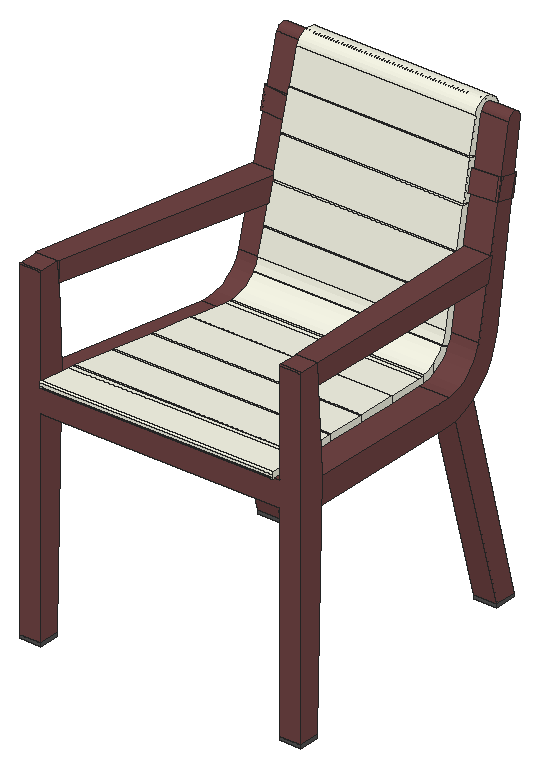
Revit family "Haworth_Janus_Quinta_Chair_Cafe", category Furniture, Revit 2018
Family settings
  OmniClass Number = 23.40.70.14.64.21
  OmniClass Title = Systems Furniture
  Work Plane-Based = No
  Always vertical = Yes
  Cut with Voids When Loaded = No
  Shared = No
  Room Calculation Point = No
Parameters (values of type "HCJC-QN-SAC-J - With Arms - Fiber Frame - With Cushion")
  Warranty = "https://www.haworth.com/resources/product-info/warranties"
  URL - Product = "https://www.haworth.com/products/tables/outdoor/quinta"
  Type Comments = ""
  Support Finish [instance] = Haworth _ Fabric _ JANUSfiber _ Bronze JJF-40
  Cushion Finish [instance] = Haworth _ Fabric _ JANUS _ Limestone JQ1-98
  Cushion = yes
  Arm Height = 25 3/4"  # constant formula
  Model = "HCJC-QN-SAC-J"
  URL = "http://www.haworth.com/our-brands/haworth-collection"
  Size = "Verify Final Dim. w/ Haworth"  # constant formula
  Revision Number = "2"  # constant formula
  Manufacturer = "Haworth"  # constant formula
  Seat Height = 18"  # constant formula
  Glide Finish = Haworth _ Polymer _ Black
  Description = "Haworth Janus Quinta - Cafe Side Chair with Arms"
  Author = "Haworth (Abd Rahman)"  # constant formula
  Assembly Code = "E2020200"
  Actual Width = 21 1/2"  # constant formula
  Actual Height = 33"  # constant formula
  Actual Depth = 23 1/2"  # constant formula
Types (3): name | Cushion
  (no name) | yes
  HCJC-QN-SAC-J - With Arms - Fiber Frame - With Cushion | yes
  HCJC-QN-SAC-J - With Arms - Fiber Frame - No Cushion | no
Reference planes (in)
  plane 1 "Center F/B": y = -0.15866
  plane 2 "Floor": z = 0
  plane 3 "Center L/R": x = -0.125
  plane 4: z = 0
  plane 5: x = -10.875
  plane 6: y = 11.59134
  plane 7: y = -11.90866
  plane 8: x = 10.625
  plane 9 "Arm Height": z = 25.75
  plane 10: z = 0.25
  plane 11 "Leg Height": z = 18
  plane 12: z = 33
  plane 13 "Back leg 1": through (480, 4.79239, 14.94997) normal (0, 0.9644, 0.2643)
  plane 14 "Back leg 2": through (480, 6.46823, 15.42693) normal (0, 0.9677, 0.2521)
  plane 15: x = 9.02799
  plane 16: x = -9.27799
  plane 17: x = 7.28872
  plane 18: x = -7.53872
Forms (in)
  Extrusion 1, solid, material "Haworth _ Fabric _ JANUSfiber _ Bronze JJF-40" <- "Support Finish"
    sketch origin (-0.125, 0, 0) x (0, 1, 0) y (0, 0, 1)
      loop
        line (-10.3344, 25.7494) -> (-10.25936, 24.20012) -> (7.96122, 22.56333) -> (8.39031, 24.30623) -> (-10.3344, 25.7494)
    from 6.58453 to 12
  Extrusion 2, void
    sketch origin (0, 0, 0) x (1, 0, 0) y (0, 1, 0)
      loop
        line (10.71426, -10.5903) -> (12.50972, -10.5903) -> (12.50972, 8.98427) -> (8.91447, 8.98427) -> (10.71426, -10.5903)
      loop
        line (6.98513, 8.35274) -> (6.45953, 8.35274) -> (6.45953, -10.79014) -> (8.99577, -10.79014) -> (8.99577, -10.25936) -> (6.98513, 8.35274)
    from 14.27881 to 27.46666
  Extrusion 3, solid, material "Haworth _ Fabric _ JANUSfiber _ Bronze JJF-40" <- "Support Finish"
    sketch origin (-0.125, 0, 0) x (0, 1, 0) y (0, 0, -1)
      loop
        line (-10.33205, -25.74922) -> (8.39031, -24.30623) -> (7.96108, -22.56276) -> (-10.27156, -24.20063) -> (-10.33205, -25.74922)
    from 6.58453 to 12
  Extrusion 4, solid, material "Haworth _ Fabric _ JANUSfiber _ Bronze JJF-40" <- "Support Finish"
    sketch origin (-0.125, 0, 3.4177) x (0, 1, 0) y (0, 0, 1)
      loop
        line (4.81257, 11.45864) -> (8.82131, -3.1677) -> (10.42212, -3.1677) -> (6.48327, 11.9515)
        arc (6.48327, 11.9515) -> (5.66955, 11.63175) -> (4.81257, 11.45864) r 5
    from 7.41372 to 9.15299
  Extrusion 5, solid, material "Haworth _ Fabric _ JANUSfiber _ Bronze JJF-40" <- "Support Finish"
    sketch origin (-0.125, 0, 3.4177) x (0, 1, 0) y (0, 0, -1)
      loop
        arc (4.8099, -11.46839) -> (5.66708, -11.64068) -> (6.48115, -11.95965) r 5
        line (6.48115, -11.95965) -> (10.42212, 3.1677) -> (8.82131, 3.1677) -> (4.8099, -11.46839)
    from 7.41372 to 9.15299
  Extrusion 6, solid, material "Haworth _ Fabric _ JANUSfiber _ Bronze JJF-40" <- "Support Finish"
    sketch origin (-0.125, 0, 3.59731) x (0, 1, 0) y (0, 0, 1)
      loop
        line (-11.90866, 14.28546) -> (-11.90866, 12.34857) -> (3.68559, 11.15054)
        arc (3.68559, 11.15054) -> (7.12135, 12.17597) -> (8.98727, 15.23771) r 5
        line (8.98727, 15.23771) -> (11.45102, 28.73051)
        arc (11.45102, 28.73051) -> (11.01342, 29.38336) -> (10.34834, 28.96459) r 0.56385
        line (10.34834, 28.96459) -> (7.05108, 15.35813)
        arc (7.05108, 15.35813) -> (5.89873, 13.63755) -> (3.90623, 13.07344) r 3
        line (3.90623, 13.07344) -> (-11.90866, 14.28546)
    from -10.75 to 10.75
  Extrusion 7, void
    sketch origin (0, 0, 0) x (1, 0, 0) y (0, 1, 0)
      loop
        line (-10.84957, -10.08217) -> (-8.81189, 12.49055) -> (-11.87816, 12.49055) -> (-11.87816, -10.08217) -> (-10.84957, -10.08217)
    from 13.03853 to 36.94343
  Extrusion 8, void
    sketch origin (-0.25, 0, 0) x (-1, 0, 0) y (0, -1, 0)
      loop
        line (10.71426, 10.5903) -> (8.92945, -8.82131) -> (12.99028, -8.82131) -> (12.99028, 10.5903) -> (10.71426, 10.5903)
      loop
        line (6.98911, -8.35274) -> (9.00229, 10.28286) -> (9.00229, 10.79014) -> (6.45953, 10.79014) -> (6.45953, -8.35274) -> (6.98911, -8.35274)
    from 14.27881 to 27.46666
  Extrusion 9, void
    sketch origin (-0.25, 0, 0) x (-1, 0, 0) y (0, -1, 0)
      loop
        line (-10.84957, 10.08217) -> (-11.87816, 10.08217) -> (-11.87816, -12.49055) -> (-8.81189, -12.49055) -> (-10.84957, 10.08217)
    from 13.03853 to 36.94343
  Extrusion 10, solid, material "Haworth _ Fabric _ JANUSfiber _ Bronze JJF-40" <- "Support Finish"
    sketch origin (-0.125, 0, 1.53591) x (0, 1, 0) y (0, 0, -1)
      loop
        line (-11.90866, 1.28591) -> (-11.90866, -24.15666)
        arc (-11.90866, -24.15666) -> (-11.89184, -24.19727) -> (-11.85123, -24.21409) r 0.05743
        line (-11.85123, -24.21409) -> (-10.33209, -24.21409) -> (-9.93606, -16.46409) -> (-10.41817, 1.28591) -> (-11.90866, 1.28591)
    from -10.75 to -9.15299
  Extrusion 11, solid, material "Haworth _ Fabric _ JANUSfiber _ Bronze JJF-40" <- "Support Finish"
    sketch origin (-0.125, 0, 1.53591) x (0, 1, 0) y (0, 0, 1)
      loop
        line (-11.90866, -1.28591) -> (-10.41817, -1.28591) -> (-9.93606, 16.46409) -> (-10.33209, 24.21409) -> (-11.85123, 24.21409)
        arc (-11.85123, 24.21409) -> (-11.89184, 24.19727) -> (-11.90866, 24.15666) r 0.05743
        line (-11.90866, 24.15666) -> (-11.90866, -1.28591)
    from -10.75 to -9.15299
  Extrusion 12, solid, material "Haworth _ Polymer _ Black" <- "Glide Finish"
    sketch origin (0, 0, 0) x (1, 0, 0) y (0, 1, 0)
      loop
        line (10.625, -11.90866) -> (10.625, -10.41817) -> (9.02799, -10.41817) -> (9.02799, -11.90866) -> (10.625, -11.90866)
    from 0 to 0.25
  Extrusion 13, solid, material "Haworth _ Polymer _ Black" <- "Glide Finish"
    sketch origin (-0.25, 0, 0) x (-1, 0, 0) y (0, -1, 0)
      loop
        line (10.625, 11.90866) -> (9.02799, 11.90866) -> (9.02799, 10.41817) -> (10.625, 10.41817) -> (10.625, 11.90866)
    from 0 to 0.25
  Extrusion 14, solid, material "Haworth _ Polymer _ Black" <- "Glide Finish"
    sketch origin (0, -1.59857, 0) x (1, 0, 0) y (0, 1, 0)
      loop
        line (9.02799, 12.02468) -> (7.28872, 12.02468) -> (7.28872, 10.41817) -> (9.02799, 10.41817) -> (9.02799, 12.02468)
    from 0 to 0.25
  Extrusion 15, solid, material "Haworth _ Polymer _ Black" <- "Glide Finish"
    sketch origin (1.48926, -1.59857, 0) x (-1, 0, 0) y (0, -1, 0)
      loop
        line (10.76725, -12.02468) -> (10.76725, -10.41817) -> (9.02799, -10.41817) -> (9.02799, -12.02468) -> (10.76725, -12.02468)
    from 0 to 0.25
Cuts and joins
  Extrusion 2, Extrusion 8 cuts Extrusion 1
  Extrusion 8, Extrusion 9 cuts Extrusion 3
  Extrusion 9 cuts Extrusion 4
  Extrusion 9 cuts Extrusion 5
  Extrusion 7, Extrusion 9 cuts Extrusion 6
  joined: Extrusion 1, Extrusion 3, Extrusion 4, Extrusion 5, Extrusion 6, Extrusion 10, Extrusion 11
Lines and regions (in)
  Masking region 1
    outline origin (0, 0, 0) x (1, 0, 0) y (0, 1, 0)
      loop
        line (8.96908, 11.59134) -> (-9.21908, 11.59134) -> (-10.875, -11.90866) -> (10.625, -11.90866) -> (8.96908, 11.59134)
  symbolic lines, style "Haworth"
    curve 1: line (-9.27799, -11.90866, 0) -> (-7.23954, 8.34868, 0)
    curve 2: line (-7.23954, 8.34868, 0) -> (-9.44757, 8.34868, 0)
    curve 3: line (9.02799, -11.90866, 0) -> (6.98954, 8.34868, 0)
    curve 4: line (6.98954, 8.34868, 0) -> (9.19757, 8.34868, 0)
    curve 5: line (-7.59306, 4.83559, 0) -> (7.34306, 4.83559, 0)
Dimensions and locks (in)
  "Actual Width": plane 5 to plane 8
  equal spacing: plane 5, plane 3 "Center L/R", plane 8
  "Actual Depth": plane 6 to plane 7
  equal spacing: plane 6, plane 1 "Center F/B", plane 7
  "Seat Height": plane 11 "Leg Height" to plane 4
  "Arm Height": plane 9 "Arm Height" to plane 4
  "Actual Height": plane 12 to plane 4
  plane 18 to plane 16 to plane 5 = 1.73927" locked, 1.59701" locked
  plane 17 to plane 15 to plane 8 = 1.73927" locked, 1.59701" locked
  aligned and locked: Extrusion 6 to plane 5
  aligned and locked: Extrusion 6 to plane 8
  aligned and locked: Extrusion 4 sketch curve to plane 14 "Back leg 2"
  aligned and locked: Extrusion 5 sketch curve to plane 14 "Back leg 2"
  aligned and locked: plane 8 to Extrusion 12 sketch curve
  aligned and locked: plane 7 to Extrusion 12 sketch curve
  aligned and locked: Extrusion 12 sketch curve to plane 15
  aligned and locked: Extrusion 12 sketch curve to cut or joined group of Extrusion 1, Extrusion 2, Extrusion 3, Extrusion 4, Extrusion 5, Extrusion 6, Extrusion 7, Extrusion 8, Extrusion 9, Extrusion 10, Extrusion 11
  aligned and locked: Extrusion 12 to plane 4
  aligned and locked: plane 10 to Extrusion 12
Automatic sketch dimensions
  Extrusion 1 sketch curve to plane 9 "Arm Height" = 0.0006"
  plane 7 to Extrusion 1 sketch curve = 1.57426"
  Extrusion 1 sketch curve to Extrusion 1 sketch curve = 0.07504"
  plane 6 to Extrusion 1 sketch curve = 3.63012"
  Extrusion 1 sketch curve to plane 9 "Arm Height" = 1.44377"
  Extrusion 1 sketch curve to Extrusion 1 sketch curve = 0.42909"
  Extrusion 1 sketch curve to plane 9 "Arm Height" = 1.54988"
  Extrusion 1 sketch curve to Extrusion 1 sketch curve = 1.7429"
  Extrusion 3 sketch curve to plane 9 "Arm Height" = 0.00078"
  plane 7 to Extrusion 3 sketch curve = 1.57661"
  Extrusion 3 sketch curve to Extrusion 3 sketch curve = 0.06049"
  plane 6 to Extrusion 3 sketch curve = 3.63026"
  Extrusion 3 sketch curve to plane 9 "Arm Height" = 1.44377"
  Extrusion 3 sketch curve to Extrusion 3 sketch curve = 0.42923"
  Extrusion 3 sketch curve to plane 9 "Arm Height" = 1.54937"
  Extrusion 3 sketch curve to Extrusion 3 sketch curve = 1.74347"
  Extrusion 6 sketch curve to plane 7 = 0"
  Extrusion 6 sketch curve to plane 1 "Center F/B" = 3.84425"
  Extrusion 6 sketch curve to plane 11 "Leg Height" = 1.32925"
  Extrusion 6 sketch curve to Extrusion 6 sketch curve = 0.22063"
  Extrusion 6 sketch curve to Extrusion 6 sketch curve = 0.16237"
  Extrusion 6 sketch curve to Extrusion 6 sketch curve = 0.06688"
  plane 11 "Leg Height" to Extrusion 6 sketch curve = 0.95544"
  Extrusion 6 sketch curve to Extrusion 6 sketch curve = 2.91561"
  plane 11 "Leg Height" to Extrusion 6 sketch curve = 0.83502"
  Extrusion 6 sketch curve to Extrusion 6 sketch curve = 1.93618"
  Extrusion 6 sketch curve to plane 12 = 0.4381"
  plane 6 to Extrusion 6 sketch curve = 1.243"
  Extrusion 6 sketch curve to Extrusion 6 sketch curve = 0.54799"
  plane 6 to Extrusion 6 sketch curve = 0.14032"
  Extrusion 6 sketch curve to plane 11 "Leg Height" = 2.05412"
  Extrusion 6 sketch curve to Extrusion 6 sketch curve = 1.9229"
  Extrusion 6 sketch curve to plane 11 "Leg Height" = 0.11723"
  Extrusion 6 sketch curve to plane 12 = 0.67218"
  plane 17 to Extrusion 2 sketch curve = 0.82919"
  plane 17 to Extrusion 2 sketch curve = 0.30359"
  plane 15 to Extrusion 2 sketch curve = 0.11352"
  plane 15 to Extrusion 2 sketch curve = 0.03222"
  Extrusion 2 sketch curve to plane 8 = 0.08926"
  Extrusion 2 sketch curve to plane 8 = 1.88472"
  plane 7 to Extrusion 2 sketch curve = 1.11851"
  plane 7 to Extrusion 2 sketch curve = 1.31836"
  Extrusion 2 sketch curve to Extrusion 2 sketch curve = 0.53078"
  plane 6 to Extrusion 2 sketch curve = 3.2386"
  plane 6 to Extrusion 2 sketch curve = 2.60707"
  Extrusion 4 sketch curve to plane 13 "Back leg 1" = 0"  (x2)
  Extrusion 4 sketch curve to plane 10 = 0"
  Extrusion 4 sketch curve to plane 11 "Leg Height" = 2.63081"
  level to Extrusion 4 sketch curve = 14.87634"
  plane 11 "Leg Height" to Extrusion 4 sketch curve = 1.84513"
  Extrusion 5 sketch curve to plane 13 "Back leg 1" = 0"  (x2)
  Extrusion 5 sketch curve to plane 10 = 0"
  Extrusion 5 sketch curve to plane 11 "Leg Height" = 2.62265"
  level to Extrusion 5 sketch curve = 14.88609"
  plane 11 "Leg Height" to Extrusion 5 sketch curve = 1.85543"
  Extrusion 7 sketch curve to plane 5 = 1.00316"
  plane 5 to Extrusion 7 sketch curve = 0.02543"
  Extrusion 7 sketch curve to plane 16 = 0.4661"
  plane 7 to Extrusion 7 sketch curve = 1.82649"
  Extrusion 7 sketch curve to plane 6 = 0.89921"
  Extrusion 8 sketch curve to plane 18 = 0.82919"
  Extrusion 8 sketch curve to plane 18 = 0.29961"
  plane 16 to Extrusion 8 sketch curve = 0.09854"
  plane 16 to Extrusion 8 sketch curve = 0.0257"
  plane 5 to Extrusion 8 sketch curve = 0.08926"
  plane 5 to Extrusion 8 sketch curve = 2.36528"
  Extrusion 8 sketch curve to plane 7 = 1.11851"
  Extrusion 8 sketch curve to plane 7 = 1.31836"
  Extrusion 8 sketch curve to Extrusion 8 sketch curve = 0.50728"
  Extrusion 8 sketch curve to plane 6 = 3.2386"
  Extrusion 8 sketch curve to plane 6 = 2.77003"
  plane 8 to Extrusion 9 sketch curve = 1.00316"
  Extrusion 9 sketch curve to plane 8 = 0.02543"
  Extrusion 9 sketch curve to plane 15 = 0.4661"
  Extrusion 9 sketch curve to plane 7 = 1.82649"
  plane 6 to Extrusion 9 sketch curve = 0.89921"
  Extrusion 10 sketch curve to plane 7 = 0"
  Extrusion 10 sketch curve to plane 9 "Arm Height" = 0"
  Extrusion 10 sketch curve to plane 10 = 0"
  Extrusion 10 sketch curve to plane 11 "Leg Height" = 0"
  Extrusion 10 sketch curve to Extrusion 10 sketch curve = 0.05743"
  Extrusion 10 sketch curve to Extrusion 10 sketch curve = 1.49049"
  Extrusion 10 sketch curve to Extrusion 10 sketch curve = 1.51914"
  plane 7 to Extrusion 10 sketch curve = 1.9726"
  Extrusion 11 sketch curve to plane 7 = 0"
  Extrusion 11 sketch curve to plane 9 "Arm Height" = 0"
  Extrusion 11 sketch curve to plane 10 = 0"
  Extrusion 11 sketch curve to plane 11 "Leg Height" = 0"
  Extrusion 11 sketch curve to Extrusion 11 sketch curve = 0.05743"
  Extrusion 11 sketch curve to Extrusion 11 sketch curve = 1.49049"
  Extrusion 11 sketch curve to Extrusion 11 sketch curve = 1.51914"
  plane 7 to Extrusion 11 sketch curve = 1.9726"
  Masking region 1 sketch curve to plane 5 = 0"
  plane 6 to Masking region 1 sketch curve = 0"
  Masking region 1 sketch curve to plane 7 = 0"
  Masking region 1 sketch curve to plane 8 = 0"
  Masking region 1 sketch curve to plane 16 = 0.05891"
  plane 15 to Masking region 1 sketch curve = 0.05891"
  Extrusion 13 sketch curve to plane 7 = 0"
  Extrusion 13 sketch curve to plane 16 = 0"
  Extrusion 13 sketch curve to plane 5 = 0"
  Extrusion 13 sketch curve to plane 7 = 1.49049"
  Extrusion 14 sketch curve to plane 17 = 0"
  Extrusion 14 sketch curve to plane 15 = 0"
  Extrusion 14 sketch curve to plane 6 = 1.16523"
  Extrusion 14 sketch curve to Extrusion 14 sketch curve = 1.60651"
  Extrusion 15 sketch curve to plane 16 = 0"
  Extrusion 15 sketch curve to plane 18 = 0"
  plane 6 to Extrusion 15 sketch curve = 1.16523"
  Extrusion 15 sketch curve to Extrusion 15 sketch curve = 1.60651"
  curve 1 to plane 7 = 0"
  curve 1 to plane 16 = 0"
  curve 3 to plane 7 = 0"
  curve 3 to plane 15 = 0"
  plane 18 to curve 2 = 0.29917"
  plane 17 to curve 3 = 0.29917"
  plane 6 to curve 4 = 3.24266"
  plane 16 to curve 2 = 0.16959"
  curve 5 to plane 18 = 0.05434"
  curve 5 to plane 17 = 0.05434"
  curve 4 to plane 15 = 0.16959"
Nested families (in)
  nested 1: "Haworth_JanusQuinta_Cafe_Side_Chair_Cushion_Part" at (1.41372, 0.75004, -0.3125), visible <- "Cushion", type "HCJC-QN-CPSAC-JS - Seat and Back Cushions - PART"
    with Cushion Finish Haworth _ Fabric _ JANUS _ Limestone JQ1-98
Definition of nested family "Haworth_JanusQuinta_Cafe_Side_Chair_Cushion_Part"
  Parameters (values of type "HCJC-QN-CPSAC-JS - Seat and Back Cushions - PART")
    Warranty = "https://www.haworth.com/resources/product-info/warranties"
    URL - Product = "https://www.haworth.com/products/seating/outdoor/quinta"
    Type Comments = ""
    Model = "HCJC-QN-CPSAC-JS"
    URL = "http://www.haworth.com/our-brands/haworth-collection"
    Size = "Verify Final Dim. w/ Haworth"  # constant formula
    Revision Number = "2"  # constant formula
    Manufacturer = "Haworth"  # constant formula
    Description = "Haworth Janus Quinta - Seat and Back Cushions - PART"
    Cushion Finish [instance] = none
    Connector Finish = none
    Author = "Haworth (Abd Rahman)"  # constant formula
    Assembly Code = "E2020200"
    Actual Width = 23 1/2"  # constant formula
    Actual Height = 33"  # constant formula
    Actual Depth = 23 1/2"  # constant formula
  Reference planes (in)
    plane 1 "Center F/B": y = -0.15866
    plane 2 "Floor": z = 0
    plane 3 "Center L/R": x = -0.125
    plane 4: z = 0
    plane 5: y = 10.46634
    plane 6: y = -13.03366
    plane 7 "Arm Height": z = 26.25
    plane 8: z = 0.25
    plane 9 "Leg Height": z = 18.25
    plane 10: z = 33
    plane 11 "Back leg 1": through (480, 5.25508, 15.13674) normal (0, 0.9644, 0.2643)
    plane 12 "Back leg 2": through (480, 6.93092, 15.6137) normal (0, 0.9677, 0.2521)
    plane 13: x = 10.125
    plane 14: x = -13.375
  Forms (in)
    Extrusion 1, solid, material <- "Cushion Finish"
      sketch origin (-0.125, 0, 0) x (0, 1, 0) y (0, 0, 1)
        loop
          arc (9.5029, 32.61143) -> (10.30075, 33.1029) -> (10.79619, 32.30752) r 0.66427
          line (10.79619, 32.30752) -> (9.70476, 27.55674)
          arc (9.70476, 27.55674) -> (9.78804, 27.47112) -> (9.88717, 27.53775) r 0.0932
          line (9.88717, 27.53775) -> (11.19308, 32.18095)
          arc (11.19308, 32.18095) -> (10.39998, 33.56394) -> (9.03223, 32.74485) r 1.11681
          line (9.03223, 32.74485) -> (5.85413, 19.55111)
          arc (5.85413, 19.55111) -> (4.83312, 18.02277) -> (3.06501, 17.52071) r 2.66128
          line (3.06501, 17.52071) -> (-10.3593, 18.54183)
          arc (-10.3593, 18.54183) -> (-11.54129, 18.59982) -> (-12.72468, 18.59416) r 22.00019
          arc (-12.72468, 18.59416) -> (-12.81627, 18.55618) -> (-12.8541, 18.46453) r 0.12942
          arc (-12.8541, 18.46453) -> (-12.854, 18.34345) -> (-12.8541, 18.22237) r 72.79161
          arc (-12.8541, 18.22237) -> (-12.81515, 18.13014) -> (-12.72177, 18.094) r 0.12819
          arc (-12.72177, 18.094) -> (-11.55877, 18.10008) -> (-10.39702, 18.04487) r 21.50019
          line (-10.39702, 18.04487) -> (3.22501, 17.00871)
          arc (3.22501, 17.00871) -> (5.169, 17.56102) -> (6.29086, 19.24195) r 2.92494
          line (6.29086, 19.24195) -> (9.5029, 32.61143)
      from -13.25 to 10.25
    Extrusion 2, void
      sketch origin (0, -0.15866, 0) x (1, 0, 0) y (0, 0, 1)
        loop
          line (5.59907, 15.77168) -> (10.64077, 15.77168) -> (10.64077, 34.3904) -> (5.16676, 34.3904) -> (5.59907, 15.77168)
      from -16.01974 to -4.65493
    Extrusion 3, void
      sketch origin (-0.25, -0.15866, 0) x (-1, 0, 0) y (0, 0, -1)
        loop
          line (8.15662, -34.3904) -> (13.64077, -34.3904) -> (13.64077, -15.77168) -> (8.76121, -15.77168) -> (8.15662, -34.3904)
      from -16.01974 to -4.65493
    Extrusion 4, void
      sketch origin (0, 0, 0) x (1, 0, 0) y (0, 1, 0)
        loop
          line (5.57195, 4.49627) -> (7.18946, -12.89385) -> (10.875, -12.89385) -> (10.875, 4.49627) -> (5.57195, 4.49627)
      from 15.29493 to 19.50348
    Extrusion 5, void
      sketch origin (-0.5127, 0, 0) x (-1, 0, 0) y (0, -1, 0)
        loop
          line (8.49846, -4.49627) -> (13.875, -4.49627) -> (13.875, 12.89385) -> (10.11597, 12.89385) -> (8.49846, -4.49627)
      from 15.29493 to 19.50348
    Extrusion 6, void
      sketch origin (0, 0.02344, 0) x (1, 0, 0) y (0, 1, 0)
        loop
          line (-13.09558, -9.88978) -> (-13.09558, -10.04584) -> (9.8601, -10.04584) -> (9.8601, -9.88978) -> (-13.09558, -9.88978)
      from 17.76646 to 18.66446
    Extrusion 7, void
      sketch origin (0, 3.38394, 0) x (1, 0, 0) y (0, 1, 0)
        loop
          line (-12.84244, -9.88978) -> (-12.84244, -10.04584) -> (9.60455, -10.04584) -> (9.60455, -9.88978) -> (-12.84244, -9.88978)
      from 17.54306 to 18.37389
    Extrusion 8, void
      sketch origin (0, 6.73113, 0) x (1, 0, 0) y (0, 1, 0)
        loop
          line (-12.59485, -9.88978) -> (-12.59485, -10.04584) -> (9.34831, -10.04584) -> (9.34831, -9.88978) -> (-12.59485, -9.88978)
      from 17.26046 to 18.11662
    Extrusion 9, void
      sketch origin (0, 10.0836, 0) x (1, 0, 0) y (0, 1, 0)
        loop
          line (-12.33906, -9.88978) -> (-12.33906, -10.04584) -> (9.07934, -10.04584) -> (9.07934, -9.88978) -> (-12.33906, -9.88978)
      from 17.03674 to 17.92832
    Extrusion 10, void
      sketch origin (0, 13.45081, 0) x (1, 0, 0) y (0, 1, 0)
        loop
          line (-12.08326, -9.88978) -> (-12.08326, -10.04584) -> (8.82354, -10.04584) -> (8.82354, -9.88978) -> (-12.08326, -9.88978)
      from 16.90426 to 17.61699
    Extrusion 11, void
      sketch origin (-0.25439, -15.59329, -7.64705) x (1, 0, 0) y (0, 0.469472, 0.882948)
        loop
          line (-11.61061, 33.19514) -> (-11.61061, 33.08906) -> (8.77684, 33.08906) -> (8.77684, 33.19514) -> (-11.61061, 33.19514)
      from -7.08272 to -6.08738
    Extrusion 12, void
      sketch origin (-0.25439, -9.13979, -8.5531) x (1, 0, 0) y (0, 0.281922, 0.959437)
        loop
          line (-11.61061, 33.20763) -> (-11.61061, 33.08906) -> (8.77684, 33.08906) -> (8.77684, 33.20763) -> (-11.61061, 33.20763)
      from -7.08272 to -6.08738
    Extrusion 13, void
      sketch origin (-0.25439, -8.6119, -5.51748) x (1, 0, 0) y (0, 0.289993, 0.957029)
        loop
          line (-11.61061, 33.19514) -> (-11.61061, 33.08906) -> (8.77684, 33.08906) -> (8.77684, 33.19514) -> (-11.61061, 33.19514)
      from -7.08272 to -6.08738
    Extrusion 14, void
      sketch origin (-0.25439, -4.70281, -4.07484) x (1, 0, 0) y (0, 0.188771, 0.982021)
        loop
          line (-11.61061, 33.19514) -> (-11.61061, 33.08906) -> (8.77684, 33.08906) -> (8.77684, 33.19514) -> (-11.61061, 33.19514)
      from -7.08272 to -6.08738
    Extrusion 15, void
      sketch origin (-0.25439, -5.14813, -0.66746) x (1, 0, 0) y (0, 0.224951, 0.97437)
        loop
          line (-11.61061, 33.19514) -> (-11.61061, 33.08906) -> (8.77684, 33.08906) -> (8.77684, 33.19514) -> (-11.61061, 33.19514)
      from -7.08272 to -6.08738
    Extrusion 16, solid, material <- "Connector Finish"
      sketch origin (0.52876, -6.33265, 2.69981) x (0.999848, 0, 0.017452) y (0.003907, 0.974618, -0.223839)
        loop
          line (7.21502, 10.27326) -> (5.17622, 10.31323) -> (5.17622, 10.12929) -> (7.19595, 10.09347)
          arc (7.19595, 10.09347) -> (7.23579, 10.07651) -> (7.25262, 10.0366) r 0.0577
          line (7.25262, 10.0366) -> (7.26998, 8.82621)
          arc (7.26998, 8.82621) -> (7.2558, 8.78829) -> (7.21966, 8.77002) r 0.05564
          line (7.21966, 8.77002) -> (5.28237, 8.58416) -> (5.28237, 8.4612) -> (7.24553, 8.65271)
          arc (7.24553, 8.65271) -> (7.34768, 8.7045) -> (7.38777, 8.81178) r 0.15755
          line (7.38777, 8.81178) -> (7.36902, 10.11845)
          arc (7.36902, 10.11845) -> (7.32331, 10.22699) -> (7.21502, 10.27326) r 0.15709
      from 27.75744 to 29.32689
    Extrusion 17, solid, material <- "Connector Finish"
      sketch origin (-3.81001, -6.33265, 2.69981) x (-0.999848, 0, 0.017452) y (0.003907, -0.974618, 0.223839)
        loop
          arc (7.21502, -10.27326) -> (7.32331, -10.22699) -> (7.36902, -10.11845) r 0.15709
          line (7.36902, -10.11845) -> (7.38777, -8.81178)
          arc (7.38777, -8.81178) -> (7.34768, -8.7045) -> (7.24553, -8.65271) r 0.15755
          line (7.24553, -8.65271) -> (5.28237, -8.4612) -> (5.28237, -8.58416) -> (7.21966, -8.77002)
          arc (7.21966, -8.77002) -> (7.2558, -8.78829) -> (7.26998, -8.82621) r 0.05564
          line (7.26998, -8.82621) -> (7.25262, -10.0366)
          arc (7.25262, -10.0366) -> (7.23579, -10.07651) -> (7.19595, -10.09347) r 0.0577
          line (7.19595, -10.09347) -> (5.17622, -10.12929) -> (5.17622, -10.31323) -> (7.21502, -10.27326)
      from 27.75744 to 29.32689
  Cuts and joins
    Extrusion 2, Extrusion 3, Extrusion 4, Extrusion 5, Extrusion 6, Extrusion 7, Extrusion 8, Extrusion 9, Extrusion 10, Extrusion 11, Extrusion 12, Extrusion 13, Extrusion 14, Extrusion 15 cuts Extrusion 1
  Lines and regions (in)
    Masking region 1
      outline origin (0, 0, 0) x (1, 0, 0) y (0, 1, 0)
        loop
          line (5.57195, 4.49627) -> (5.57195, 10.46634) -> (-9.00543, 10.46634) -> (-9.00543, 4.79145) -> (-10.6634, -13.03366) -> (7.20246, -13.03366) -> (5.57195, 4.49627)
  Dimensions and locks (in)
    "Actual Depth": plane 5 to plane 6
    plane 5 to plane 1 "Center F/B" to plane 6 = 10 5/8", 12 7/8"
    locked: plane 9 "Leg Height" to plane 4 at 18.25
    plane 4 to plane 9 "Leg Height" = 18 1/4"
    locked: plane 7 "Arm Height" to plane 4 at 26.25
    "Actual Height": plane 10 to plane 4
    "Actual Width": plane 14 to plane 13
    aligned and locked: Extrusion 1 to plane 13
    aligned and locked: plane 14 to Extrusion 1
  Automatic sketch dimensions
    Extrusion 1 sketch curve to Extrusion 1 sketch curve = 0"  (x4)
    plane 9 "Leg Height" to Extrusion 1 sketch curve = 0.09351"
    Extrusion 1 sketch curve to plane 6 = 72.61195"
    Extrusion 1 sketch curve to plane 9 "Leg Height" = 0.02784"
    plane 6 to Extrusion 1 sketch curve = 0.30775"
    Extrusion 1 sketch curve to Extrusion 1 sketch curve = 0.00123"
    plane 6 to Extrusion 1 sketch curve = 1.00574"
    plane 9 "Leg Height" to Extrusion 1 sketch curve = 0.29183"
    Extrusion 1 sketch curve to Extrusion 1 sketch curve = 2.36538"
    Extrusion 1 sketch curve to plane 9 "Leg Height" = 0.72929"
    Extrusion 1 sketch curve to plane 1 "Center F/B" = 3.22367"
    Extrusion 1 sketch curve to plane 9 "Leg Height" = 1.24129"
    Extrusion 1 sketch curve to Extrusion 1 sketch curve = 0.16001"
    Extrusion 1 sketch curve to Extrusion 1 sketch curve = 0.20185"
    Extrusion 1 sketch curve to Extrusion 1 sketch curve = 0.18"
    plane 9 "Leg Height" to Extrusion 1 sketch curve = 1.30111"
    Extrusion 1 sketch curve to Extrusion 1 sketch curve = 2.40728"
    plane 9 "Leg Height" to Extrusion 1 sketch curve = 0.99195"
    Extrusion 1 sketch curve to Extrusion 1 sketch curve = 0.43673"
    Extrusion 1 sketch curve to plane 10 = 0.25515"
    plane 5 to Extrusion 1 sketch curve = 1.43412"
    Extrusion 1 sketch curve to plane 10 = 0.38857"
    Extrusion 1 sketch curve to Extrusion 1 sketch curve = 0.47068"
    plane 5 to Extrusion 1 sketch curve = 0.76159"
    Extrusion 1 sketch curve to Extrusion 1 sketch curve = 0.09293"
    plane 5 to Extrusion 1 sketch curve = 0.34836"
    Extrusion 1 sketch curve to Extrusion 1 sketch curve = 0.03081"
    Extrusion 1 sketch curve to plane 5 = 0.32985"
    Extrusion 1 sketch curve to level = 3.39499"
    Extrusion 1 sketch curve to Extrusion 1 sketch curve = 0.12942"
    plane 7 "Arm Height" to Extrusion 1 sketch curve = 1.30674"
    Extrusion 1 sketch curve to Extrusion 1 sketch curve = 0.00708"
    Extrusion 1 sketch curve to plane 10 = 0.69248"
    Extrusion 1 sketch curve to Extrusion 1 sketch curve = 0.02707"
    Extrusion 1 sketch curve to plane 9 "Leg Height" = 0.02763"
    Extrusion 1 sketch curve to Extrusion 1 sketch curve = 0.00414"
    Extrusion 1 sketch curve to plane 9 "Leg Height" = 0.20674"
    Extrusion 1 sketch curve to Extrusion 1 sketch curve = 0.03783"
    Extrusion 1 sketch curve to plane 9 "Leg Height" = 0.20513"
    Extrusion 1 sketch curve to Extrusion 1 sketch curve = 0.00012"
    Extrusion 1 sketch curve to Extrusion 1 sketch curve = 0.08948"
    Extrusion 1 sketch curve to Extrusion 1 sketch curve = 0.39688"
    Extrusion 16 sketch curve to Extrusion 16 sketch curve = 0.10615"
    Extrusion 16 sketch curve to Extrusion 16 sketch curve = 2.01871"
    Extrusion 16 sketch curve to Extrusion 16 sketch curve = 0.00102"
    Extrusion 16 sketch curve to Extrusion 16 sketch curve = 0.01599"
    Extrusion 16 sketch curve to Extrusion 16 sketch curve = 0.01943"
    Extrusion 16 sketch curve to Extrusion 16 sketch curve = 0.00308"
    Extrusion 16 sketch curve to Extrusion 16 sketch curve = 0.00531"
    Extrusion 16 sketch curve to Extrusion 16 sketch curve = 0.01588"
    Extrusion 16 sketch curve to Extrusion 16 sketch curve = 0.02587"
    Extrusion 16 sketch curve to Extrusion 16 sketch curve = 0.05769"
    Extrusion 16 sketch curve to Extrusion 16 sketch curve = 0.03975"
    Extrusion 16 sketch curve to Extrusion 16 sketch curve = 0.1164"
    Extrusion 16 sketch curve to Extrusion 16 sketch curve = 0.11778"
    Extrusion 16 sketch curve to Extrusion 16 sketch curve = 0.12296"
    Extrusion 16 sketch curve to Extrusion 16 sketch curve = 0.06856"
    Extrusion 16 sketch curve to Extrusion 16 sketch curve = 0.11731"
    Extrusion 16 sketch curve to Extrusion 16 sketch curve = 0.03949"
    Extrusion 16 sketch curve to Extrusion 16 sketch curve = 0.01589"
    Extrusion 16 sketch curve to Extrusion 16 sketch curve = 1.21037"
    Extrusion 16 sketch curve to Extrusion 16 sketch curve = 0.00083"
    Extrusion 16 sketch curve to Extrusion 16 sketch curve = 0.02273"
    Extrusion 16 sketch curve to Extrusion 16 sketch curve = 0.08185"
    Extrusion 16 sketch curve to Extrusion 16 sketch curve = 1.54513"
    Extrusion 16 sketch curve to Extrusion 16 sketch curve = 0.18394"
    plane 10 to Extrusion 2 sketch curve = 1.3904"
    plane 13 to Extrusion 2 sketch curve = 4.95824"
    plane 13 to Extrusion 2 sketch curve = 4.52593"
    Extrusion 2 sketch curve to plane 13 = 0.51577"
    Extrusion 2 sketch curve to plane 9 "Leg Height" = 2.47832"
    Extrusion 3 sketch curve to plane 10 = 1.3904"
    plane 14 to Extrusion 3 sketch curve = 4.96838"
    plane 14 to Extrusion 3 sketch curve = 4.36379"
    Extrusion 3 sketch curve to plane 14 = 0.51577"
    plane 9 "Leg Height" to Extrusion 3 sketch curve = 2.47832"
    plane 13 to Extrusion 4 sketch curve = 4.55305"
    plane 6 to Extrusion 4 sketch curve = 0.13981"
    plane 13 to Extrusion 4 sketch curve = 2.93554"
    Extrusion 4 sketch curve to plane 13 = 3/4"
    Extrusion 4 sketch curve to plane 1 "Center F/B" = 4.65493"
    plane 14 to Extrusion 5 sketch curve = 4.36384"
    Extrusion 5 sketch curve to plane 6 = 0.13981"
    plane 14 to Extrusion 5 sketch curve = 2.74633"
    Extrusion 5 sketch curve to plane 14 = 1.0127"
    plane 1 "Center F/B" to Extrusion 5 sketch curve = 4.65493"
    Extrusion 6 sketch curve to plane 14 = 0.27942"
    plane 13 to Extrusion 6 sketch curve = 0.2649"
    plane 6 to Extrusion 6 sketch curve = 3.01126"
    Extrusion 6 sketch curve to Extrusion 6 sketch curve = 0.15606"
    Extrusion 7 sketch curve to plane 14 = 0.53256"
    plane 13 to Extrusion 7 sketch curve = 0.52045"
    plane 6 to Extrusion 7 sketch curve = 6.37176"
    Extrusion 7 sketch curve to Extrusion 7 sketch curve = 0.15606"
    Extrusion 8 sketch curve to plane 14 = 0.78015"
    plane 13 to Extrusion 8 sketch curve = 0.77669"
    plane 1 "Center F/B" to Extrusion 8 sketch curve = 3.15606"
    Extrusion 8 sketch curve to Extrusion 8 sketch curve = 0.15606"
    Extrusion 9 sketch curve to plane 1 "Center F/B" = 0.19642"
    Extrusion 9 sketch curve to plane 14 = 1.03594"
    plane 13 to Extrusion 9 sketch curve = 1.04566"
    Extrusion 9 sketch curve to Extrusion 9 sketch curve = 0.15606"
    Extrusion 10 sketch curve to plane 14 = 1.29174"
    plane 13 to Extrusion 10 sketch curve = 1.30146"
    Extrusion 10 sketch curve to plane 1 "Center F/B" = 3.56362"
    Extrusion 10 sketch curve to Extrusion 10 sketch curve = 0.15606"
    Extrusion 11 sketch curve to plane 14 = 1.51"
    plane 13 to Extrusion 11 sketch curve = 1.60255"
    Extrusion 11 sketch curve to Extrusion 11 sketch curve = 0.10608"
    Extrusion 12 sketch curve to plane 14 = 1.51"
    plane 13 to Extrusion 12 sketch curve = 1.60255"
    Extrusion 12 sketch curve to Extrusion 12 sketch curve = 0.11857"
    Extrusion 13 sketch curve to plane 14 = 1.51"
    plane 13 to Extrusion 13 sketch curve = 1.60255"
    Extrusion 13 sketch curve to Extrusion 13 sketch curve = 0.10608"
    Extrusion 14 sketch curve to plane 14 = 1.51"
    plane 13 to Extrusion 14 sketch curve = 1.60255"
    Extrusion 14 sketch curve to Extrusion 14 sketch curve = 0.10608"
    Extrusion 15 sketch curve to plane 14 = 1.51"
    plane 13 to Extrusion 15 sketch curve = 1.60255"
    Extrusion 15 sketch curve to Extrusion 15 sketch curve = 0.10608"
    Masking region 1 sketch curve to plane 6 = 0"
    plane 5 to Masking region 1 sketch curve = 0"
    Masking region 1 sketch curve to plane 14 = 2.7116"
    Masking region 1 sketch curve to plane 14 = 4.36957"
    plane 13 to Masking region 1 sketch curve = 4.55305"
    plane 13 to Masking region 1 sketch curve = 2.92254"
    Masking region 1 sketch curve to plane 1 "Center F/B" = 4.65493"
    Masking region 1 sketch curve to plane 1 "Center F/B" = 4.95011"
    Extrusion 17 sketch curve to Extrusion 17 sketch curve = 0.10615"
    Extrusion 17 sketch curve to Extrusion 17 sketch curve = 2.01871"
    Extrusion 17 sketch curve to Extrusion 17 sketch curve = 0.00102"
    Extrusion 17 sketch curve to Extrusion 17 sketch curve = 0.01599"
    Extrusion 17 sketch curve to Extrusion 17 sketch curve = 0.01943"
    Extrusion 17 sketch curve to Extrusion 17 sketch curve = 0.00308"
    Extrusion 17 sketch curve to Extrusion 17 sketch curve = 0.00531"
    Extrusion 17 sketch curve to Extrusion 17 sketch curve = 0.01588"
    Extrusion 17 sketch curve to Extrusion 17 sketch curve = 0.02587"
    Extrusion 17 sketch curve to Extrusion 17 sketch curve = 0.05769"
    Extrusion 17 sketch curve to Extrusion 17 sketch curve = 0.03975"
    Extrusion 17 sketch curve to Extrusion 17 sketch curve = 0.1164"
    Extrusion 17 sketch curve to Extrusion 17 sketch curve = 0.11778"
    Extrusion 17 sketch curve to Extrusion 17 sketch curve = 0.03997"
    Extrusion 17 sketch curve to Extrusion 17 sketch curve = 0.18394"
    Extrusion 17 sketch curve to Extrusion 17 sketch curve = 0.15481"
    Extrusion 17 sketch curve to Extrusion 17 sketch curve = 0.02273"
    Extrusion 17 sketch curve to Extrusion 17 sketch curve = 0.05686"
    Extrusion 17 sketch curve to Extrusion 17 sketch curve = 1.21039"
    Extrusion 17 sketch curve to Extrusion 17 sketch curve = 0.0008"
    Extrusion 17 sketch curve to Extrusion 17 sketch curve = 0.01443"
    Extrusion 17 sketch curve to Extrusion 17 sketch curve = 0.01589"
    Extrusion 17 sketch curve to Extrusion 17 sketch curve = 1.54513"
    Extrusion 17 sketch curve to Extrusion 17 sketch curve = 0.12296"
